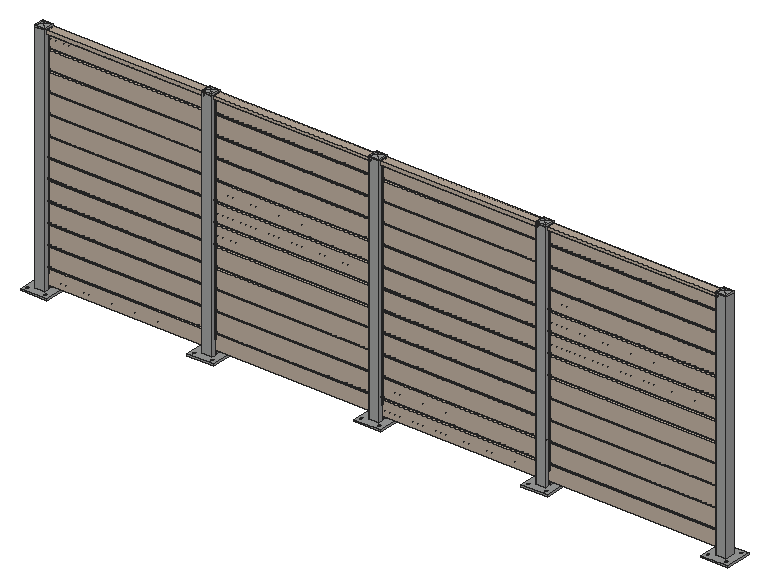
Revit family "Screening-Louver-Assembly-Array-Palmshield-Mercury_Economic-Solid-Aluminum", category Specialty Equipment, Revit 2021
Family settings
  Round Connector Dimension = Use Diameter
  Part Type = Normal
  OmniClass Number = 23.55.00.00
  OmniClass Title = Manufactured Structures
  Cut with Voids When Loaded = No
  Shared = No
  Room Calculation Point = No
Parameters (values of type "Assembly")
  Warranty URL = "https://palmshieldlouvers.com/wp-content/uploads/2020/01/PalmSHIELD-Warranty-NO-SIGN-LINE.pdf"
  Version = "2020 - v1.0a"  # constant formula
  URL = "https://palmshieldlouvers.com/"
  Type Comments = ""
  Right Post UP [instance] = yes
  Right Post Position [instance] = 3
  Right Post Description [instance] = if(Right Post Position = 1, "Middle Post", if(Right Post Position = 2, "Corner Post", if(Right Post Position = 3, "End Post", "Not a Valid Option")))  # "End Post"
  Right Post DOWN [instance] = not(Right Post UP)  # no
  Left Post UP [instance] = yes
  Left Post Position [instance] = 3
  Left Post DOWN [instance] = not(Left Post UP)  # no
  C Left Post Position [instance] = if(and(Left Post UP, Left Post Position = 2), 3, if(and(Left Post DOWN, Left Post Position = 2), 4, if(Left Post Position = 3, 2, Left Post Position)))  # 2
  Left Post Description [instance] = if(Left Post Position = 1, "Middle Post", if(Left Post Position = 2, "Corner Post", if(Left Post Position = 3, "End Post", "Not a Valid Option")))  # "End Post"
  Left Post [instance] = yes
  Product Page URL = "https://palmshieldlouvers.com/products/augustus-solid/"
  Product Documentation Link = "https://palmshieldlouvers.com/wp-content/uploads/2020/05/PalmSHIELD-Solid-Composite-Technical-Data-Sheet.pdf"
  Post Finish = Metal - PalmSHIELD - Dusty Grey
  Panel Width [instance] = if(Desired Panel Width > C Max Panel Width, C Max Panel Width, if(Desired Panel Width < C Min Panel Width, C Min Panel Width, Desired Panel Width))  # 4' - 0"
  Panel Height [instance] = if(Desired Panel Height > C Max Panel Height, C Max Panel Height, if(Desired Panel Height < C Min Panel Height, C Min Panel Height, Desired Panel Height))  # 6' - 0"
  Model = "Augustus - Aluminum"  # constant formula
  Manufacturer Phone Number = "531-329-4406 "  # constant formula
  Manufacturer Email = "mailto: info@palmshieldlouvers.com"
  Manufacturer Address = "12330 Cary Circle, La Vista, NE 68128"  # constant formula
  Manufacturer = "PalmSHIELD"  # constant formula
  Louver Finsh = Metal - PalmSHIELD - Grey Beige
  Keynote = "05 10 00"
  Instruction Sheet Link = "https://palmshieldlouvers.com/wp-content/uploads/2020/01/PalmSHIELD-Post-Panel-Gate-Installation-Instructions-REV-1.pdf"
  ID [instance] = "Not Assigned"
  Frame Finish = Metal - PalmSHIELD - Dusty Grey
  Filler Panel [instance] = yes
  C Right Post Position [instance] = if(and(Right Post UP, Right Post Position = 2), 3, if(and(Right Post DOWN, Right Post Position = 2), 4, if(Right Post Position = 3, 2, Right Post Position)))  # 2
  Right Post [instance] = yes
  Desired Panel Width [instance] = 4' - 0"
  Desired Panel Height [instance] = 6' - 0"
  Real Length [instance] = if(system length 1 < (C Post Width + C Min Panel Width), (C Post Width + C Min Panel Width), system length 1)  # 17' - 4"
  Description = "Augustus - Aluminum - Panel Assembly"  # constant formula
  system length 1 [instance] = 17' - 4"
  Copyright = "Copyright ©2024 The American Fence Company and PalmSHIELD. All Rights Reserved."  # constant formula
  Component Name [instance] = "Augustus - Aluminum - Panel Assembly"  # constant formula
  C Single Post [instance] = if(C Condition Double, 1 = 1, if(and(Right Post, C Condition Single), 1 = 1, 1 = 0))  # no
  C Single Panel [instance] = or(C Condition Double, C Condition Single)  # no
  C Post Width [instance] = 0' - 3"  # constant formula
  C Multiple Post [instance] = (C Condition Multiple)  # yes
  C Multiple Panels [instance] = (C Condition Multiple)  # yes
  C Min Panel Width [instance] = 4' - 0"  # constant formula
  C Min Panel Height [instance] = C Min Panel Width  # 4' - 0"
  C Max Panel Width [instance] = 6' - 0"  # constant formula
  C Max Panel Height [instance] = 8' - 0"  # constant formula
  C Filler Post [instance] = and(not(C Condition Single), Filler Panel, Right Post, or(C Filler Panel Width = C Min Panel Width, C Filler Panel Width > C Min Panel Width))  # yes
  C Filler Panel Width Calculated [instance] = Real Length - C Calculated Total Length - Panel Width - C Post Width  # 4' - 4"
  C Filler Panel Width [instance] = if(C Filler Panel Width Calculated < C Min Panel Width, C Min Panel Width, if(C Filler Panel Width Calculated > C Max Panel Width, C Max Panel Width, C Filler Panel Width Calculated))  # 4' - 4"
  C Filler Panel [instance] = and(not(C Condition Single), Filler Panel, or(C Filler Panel Width = C Min Panel Width, C Filler Panel Width > C Min Panel Width))  # yes
  C Condition Single [instance] = C Array Count < 1  # no
  C Condition Multiple [instance] = C Array Count > 1  # yes
  C Condition Double [instance] = C Array Count = 1  # no
  C Complete Post [instance] = and(not(C Condition Single), not(Filler Panel), Right Post)  # no
  C Complete Panel [instance] = and(not(C Condition Single), not(Filler Panel))  # no
  C Calculated Total Length [instance] = if(C Array Count < 1, 0' 0", if(C Array Count = 1, C Post Width, Panel Width * (C Array Safe - 1) + C Post Width * (C Array Safe)))  # 8' - 9"
  C Calculated Filler Panel Length [instance] = if(C Array Count < 1, 0' 0", if(or(C Array Count = 2, C Array Count = 1), C Post Width, if(Filler Panel, (C Calculated Total Length - C Post Width - C Filler Panel Width), (C Calculated Total Length - C Post Width - Panel Width))))  # 4' - 2"
  C Array Safe [instance] = if(C Array Count < 2, 2, C Array Count)  # 3
  C Array Count [instance] = if(Filler Panel, roundup(((Real Length - C Min Panel Width) / (Panel Width + C Post Width)) - 1), roundup(((Real Length - (Panel Width)) / (Panel Width + C Post Width)) - 1))  # 3
  Assembly Code = "F1020100"
Reference planes (in)
  plane 1 "Center (Front/Back)": y = 0
  plane 2: z = 0
  plane 3 "Left": x = 0
  plane 4 "Right": x = 208
  plane 5 "Top": z = 72
  plane 6: x = 48
  plane 7: x = 51
  plane 8: x = 99
  plane 9: x = 102
  plane 10: x = -3
  plane 11: x = 153
  plane 12: x = 47
  plane 13: x = 205
  plane 14: x = 201
  plane 15: x = -1.5
  plane 16: x = 208
  plane 17: x = 206.5
  plane 18: x = 202.5
  plane 19: x = 204
  plane 20: x = 49.5
  plane 21: x = 100.5
  plane 22: y = -1.5
  plane 23: y = 1.5
Lines and regions (in)
  reference lines
    curve 1: line (0, 0, 0) -> (208, 0, 0)
Dimensions and locks (in)
  "system length 1": plane 3 "Left" to plane 4 "Right"
  "Panel Width": plane 6 to plane 3 "Left"
  "C Post Width": plane 7 to plane 6
  "Panel Width": plane 8 to plane 7
  "C Post Width": plane 9 to plane 8
  "C Post Width": plane 3 "Left" to plane 10
  "C Calculated Filler Panel Length": plane 12 to plane 10
  "C Filler Panel Width": plane 13 to plane 11
  "Panel Width": plane 14 to plane 11
  "C Calculated Total Length": plane 11 to plane 6
  equal spacing: plane 10, plane 15, plane 3 "Left"
  equal spacing: plane 16, plane 17, plane 13
  "C Post Width": plane 16 to plane 13
  equal spacing: plane 19, plane 18, plane 14
  "C Post Width": plane 19 to plane 14
  equal spacing: plane 9, plane 21, plane 8
  equal spacing: plane 7, plane 20, plane 6
  equal spacing: plane 22, plane 1 "Center (Front/Back)", plane 23
  "C Post Width": plane 22 to plane 23
  "Panel Height": plane 5 "Top" to level
  equal spacing: group 1, group 2, group 3  (x3)
  equal spacing: group 4, group 5, group 6  (x3)
  aligned and locked: plane 4 "Right" to curve 1
  aligned and locked: plane 1 "Center (Front/Back)" to curve 1
  aligned and locked: plane 3 "Left" to curve 1
  aligned and locked: level to plane 2
  aligned and locked: plane 3 "Left" to nested 1
  aligned and locked: nested 3 to plane 14
  aligned and locked: plane 1 "Center (Front/Back)" to nested 5
  aligned and locked: plane 1 "Center (Front/Back)" to nested 4
  aligned and locked: plane 1 "Center (Front/Back)" to nested 7
  aligned and locked: plane 17 to nested 5
  aligned and locked: plane 18 to nested 4
  aligned and locked: plane 20 to nested 7
  aligned and locked: plane 15 to nested 8
  aligned and locked: nested 8 to plane 1 "Center (Front/Back)"
  aligned and locked: plane 1 "Center (Front/Back)" to nested 6
  aligned and locked: plane 3 "Left" to nested 6
  aligned and locked: plane 11 to nested 2
  aligned and locked: plane 1 "Center (Front/Back)" to nested 2
  aligned and locked: plane 7 to nested 11
  aligned and locked: plane 1 "Center (Front/Back)" to nested 11
  aligned and locked: plane 1 "Center (Front/Back)" to nested 1
  aligned and locked: plane 1 "Center (Front/Back)" to nested 3
  aligned and locked: nested 69 to plane 1 "Center (Front/Back)"
  aligned and locked: plane 20 to nested 69
  aligned and locked: nested 73 to plane 1 "Center (Front/Back)"
  aligned and locked: plane 21 to nested 73
Nested families (in)
  nested 1: "Screening-Louver-Assembly-Panel-Palmshield-Mercury_Economic-Solid-Aluminum" at (0, 0, 0), Desired Overall Height <- "Panel Height", Desired Overall Width <- "Panel Width", visible <- "C Single Panel", Component Vis <- "C Single Panel", ID <- "ID", type ""
    with Width 4' - 0", ID "Not Assigned", Height 6' - 0", Desired Overall Width 4' - 0", Desired Overall Height 6' - 0", Desired Bottom Angle 0.00°, Component Vis no, Component Name "Mercury Economic Solid - Aluminum - Panel Assembly", C Min Width 4' - 0", C Min Height 4' - 0", C Max Width 6' - 0", C Max Height 8' - 0", C Angle 0.00°
  nested 2: "Screening-Louver-Assembly-Panel-Palmshield-Mercury_Economic-Solid-Aluminum" at (153, 0, 0), Desired Overall Height <- "Panel Height", Desired Overall Width <- "C Filler Panel Width", visible <- "C Filler Panel", Component Vis <- "C Filler Panel", ID <- "ID", type ""
    with Width 4' - 4", ID "Not Assigned", Height 6' - 0", Desired Overall Width 4' - 4", Desired Overall Height 6' - 0", Desired Bottom Angle 0.00°, Component Vis yes, Component Name "Mercury Economic Solid - Aluminum - Panel Assembly", C Min Width 4' - 0", C Min Height 4' - 0", C Max Width 6' - 0", C Max Height 8' - 0", C Angle 0.00°
  nested 3: "Screening-Louver-Assembly-Panel-Palmshield-Mercury_Economic-Solid-Aluminum" at (153, 0, 0), Desired Overall Height <- "Panel Height", Desired Overall Width <- "Panel Width", visible <- "C Complete Panel", Component Vis <- "C Complete Panel", ID <- "ID", type ""
    with Width 4' - 0", ID "Not Assigned", Height 6' - 0", Desired Overall Width 4' - 0", Desired Overall Height 6' - 0", Desired Bottom Angle 0.00°, Component Vis no, Component Name "Mercury Economic Solid - Aluminum - Panel Assembly", C Min Width 4' - 0", C Min Height 4' - 0", C Max Width 6' - 0", C Max Height 8' - 0", C Angle 0.00°
  nested 4: "Screening-Louver-Assembly-Post-Palmshield-Mercury_Economic-Solid" at (202.5, 0, 0), Desired Overall Height <- "Panel Height", visible <- "C Complete Post", Component Vis <- "C Complete Post", ID <- "ID", type ""
    with Post Position 1, ID "Not Assigned", Height 6' - 0", Desired Overall Height 6' - 0", Component Vis no, Component Name "Mercury Economic Solid - Aluminum - Square Post", C Min Height 3' - 4", C Max Height 8' - 0"
  nested 5: "Screening-Louver-Assembly-Post-Palmshield-Mercury_Economic-Solid" at (206.5, 0, 0), Desired Overall Height <- "Panel Height", visible <- "C Filler Post", Component Vis <- "C Filler Post", ID <- "ID", Post Position <- "C Right Post Position", type ""
    with Post Position 2, ID "Not Assigned", Height 6' - 0", Desired Overall Height 6' - 0", Component Vis yes, Component Name "Mercury Economic Solid - Aluminum - Square Post", C Min Height 3' - 4", C Max Height 8' - 0"
  nested 6: "Screening-Louver-Assembly-Panel-Palmshield-Mercury_Economic-Solid-Aluminum" at (0, 0, 0), Desired Overall Height <- "Panel Height", Desired Overall Width <- "Panel Width", visible <- "C Multiple Panels", Component Vis <- "C Multiple Panels", ID <- "ID", type "Assembly"
    with Width 4' - 0", ID "Not Assigned", Height 6' - 0", Desired Overall Width 4' - 0", Desired Overall Height 6' - 0", Desired Bottom Angle 0.00°, Component Vis yes, Component Name "Mercury Economic Solid - Aluminum - Panel Assembly", C Min Width 4' - 0", C Min Height 4' - 0", C Max Width 6' - 0", C Max Height 8' - 0", C Angle 0.00°
  nested 7: "Screening-Louver-Assembly-Post-Palmshield-Mercury_Economic-Solid" at (49.5, 0, 0), Desired Overall Height <- "Panel Height", visible <- "C Single Post", Component Vis <- "C Single Post", ID <- "ID", type ""
    with Post Position 1, ID "Not Assigned", Height 6' - 0", Desired Overall Height 6' - 0", Component Vis no, Component Name "Mercury Economic Solid - Aluminum - Square Post", C Min Height 3' - 4", C Max Height 8' - 0"
  nested 8: "Screening-Louver-Assembly-Post-Palmshield-Mercury_Economic-Solid" at (-1.5, 0, 0) x (-1, 0, 0) z (0, 0, 1), Desired Overall Height <- "Panel Height", visible <- "Left Post", Component Vis <- "Left Post", ID <- "ID", type ""
    with Post Position 1, ID "Not Assigned", Height 6' - 0", Desired Overall Height 6' - 0", Component Vis yes, Component Name "Mercury Economic Solid - Aluminum - Square Post", C Min Height 3' - 4", C Max Height 8' - 0"
  nested 9: "Nested-Base_Plate-Palmshield-Mercury_Economic-Solid-Vinyl" at (-1.5, 0, 0) x (-1, 0, 0) z (0, 0, 1), type ""
    with Material Metal - PalmSHIELD - Dusty Grey, ID "Not Assigned", Component Name "Mercury Economic Solid - Aluminum - Base Plate"
  nested 10: "Nested-Top_Cap-Palmshield-Mercury_Economic-Solid-Vinyl" at (-1.5, 0, 72) x (-1, 0, 0) z (0, 0, 1), type ""
    with Material Metal - PalmSHIELD - Dusty Grey, ID "Not Assigned", Component Name "Mercury Economic Solid - Aluminum - Top Cap"
  nested 11: "Screening-Louver-Assembly-Panel-Palmshield-Mercury_Economic-Solid-Aluminum" at (51, 0, 0), Desired Overall Height <- "Panel Height", Desired Overall Width <- "Panel Width", visible <- "C Multiple Panels", Component Vis <- "C Multiple Panels", ID <- "ID", type "Assembly"
    with Width 4' - 0", ID "Not Assigned", Height 6' - 0", Desired Overall Width 4' - 0", Desired Overall Height 6' - 0", Desired Bottom Angle 0.00°, Component Vis yes, Component Name "Mercury Economic Solid - Aluminum - Panel Assembly", C Min Width 4' - 0", C Min Height 4' - 0", C Max Width 6' - 0", C Max Height 8' - 0", C Angle 0.00°
  nested 12: "Nested-Louvers-Palmshield-Mercury_Economic-Solid-Aluminum" at (50.5, 0, 6.625) x (0, 1, 0) z (1, 0, 0), type ""
    with Material Metal - PalmSHIELD - Grey Beige, Length 4' - 1", ID "Not Assigned", Field Cut no, Desired Cut Distance 0' - 1 3/4", Component Name "Mercury Economic Solid - Aluminum - Louvers", C Cut Distance 0' - 0 3/4"
  nested 13: "Nested-Louvers-Palmshield-Mercury_Economic-Solid-Aluminum" at (50.5, 0, 36.625) x (0, 1, 0) z (1, 0, 0), type ""
    with Material Metal - PalmSHIELD - Grey Beige, Length 4' - 1", ID "Not Assigned", Field Cut no, Desired Cut Distance 0' - 1 3/4", Component Name "Mercury Economic Solid - Aluminum - Louvers", C Cut Distance 0' - 0 3/4"
  nested 14: "Nested-Louvers-Palmshield-Mercury_Economic-Solid-Aluminum" at (50.5, 0, 42.625) x (0, 1, 0) z (1, 0, 0), type ""
    with Material Metal - PalmSHIELD - Grey Beige, Length 4' - 1", ID "Not Assigned", Field Cut no, Desired Cut Distance 0' - 1 3/4", Component Name "Mercury Economic Solid - Aluminum - Louvers", C Cut Distance 0' - 0 3/4"
  nested 15: "Nested-Louvers-Palmshield-Mercury_Economic-Solid-Aluminum" at (50.5, 0, 48.625) x (0, 1, 0) z (1, 0, 0), type ""
    with Material Metal - PalmSHIELD - Grey Beige, Length 4' - 1", ID "Not Assigned", Field Cut no, Desired Cut Distance 0' - 1 3/4", Component Name "Mercury Economic Solid - Aluminum - Louvers", C Cut Distance 0' - 0 3/4"
  nested 16: "Nested-Louvers-Palmshield-Mercury_Economic-Solid-Aluminum" at (50.5, 0, 54.625) x (0, 1, 0) z (1, 0, 0), type ""
    with Material Metal - PalmSHIELD - Grey Beige, Length 4' - 1", ID "Not Assigned", Field Cut no, Desired Cut Distance 0' - 1 3/4", Component Name "Mercury Economic Solid - Aluminum - Louvers", C Cut Distance 0' - 0 3/4"
  nested 17: "Nested-Louvers-Palmshield-Mercury_Economic-Solid-Aluminum" at (50.5, 0, 60.625) x (0, 1, 0) z (1, 0, 0), type ""
    with Material Metal - PalmSHIELD - Grey Beige, Length 4' - 1", ID "Not Assigned", Field Cut no, Desired Cut Distance 0' - 1 3/4", Component Name "Mercury Economic Solid - Aluminum - Louvers", C Cut Distance 0' - 0 3/4"
  nested 18: "Nested-U_Channel-Palmshield-Mercury_Economic-Solid-Aluminum" at (50.5, 0, 72) x (0, 1, 0) z (1, 0, 0), type ""
    with Material Metal - PalmSHIELD - Grey Beige, Length 4' - 1", ID "Not Assigned", Component Name "Mercury Economic Solid - Aluminum - U Channel"
  nested 19: "Nested-Louvers-Palmshield-Mercury_Economic-Solid-Aluminum" at (50.5, 0, 66.625) x (0, 1, 0) z (1, 0, 0), type ""
    with Material Metal - PalmSHIELD - Grey Beige, Length 4' - 1", ID "Not Assigned", Field Cut yes, Desired Cut Distance 0' - 2 5/8", Component Name "Mercury Economic Solid - Aluminum - Louvers", C Cut Distance 0' - 2 5/8"
  nested 20: "Nested-Louvers-Palmshield-Mercury_Economic-Solid-Aluminum" at (50.5, 0, 6.625) x (0, -1, 0) z (1, 0, 0), type ""
    with Material Metal - PalmSHIELD - Grey Beige, Length 4' - 1", ID "Not Assigned", Field Cut yes, Desired Cut Distance 0' - 2 3/8", Component Name "Mercury Economic Solid - Aluminum - Louvers", C Cut Distance 0' - 2 3/8"
  nested 21: "Nested-Louvers-Palmshield-Mercury_Economic-Solid-Aluminum" at (-0.5, 0, 6.625) x (0, 1, 0) z (1, 0, 0), type ""
    with Material Metal - PalmSHIELD - Grey Beige, Length 4' - 1", ID "Not Assigned", Field Cut no, Desired Cut Distance 0' - 1 3/4", Component Name "Mercury Economic Solid - Aluminum - Louvers", C Cut Distance 0' - 0 3/4"
  nested 22: "Nested-Louvers-Palmshield-Mercury_Economic-Solid-Aluminum" at (-0.5, 0, 36.625) x (0, 1, 0) z (1, 0, 0), type ""
    with Material Metal - PalmSHIELD - Grey Beige, Length 4' - 1", ID "Not Assigned", Field Cut no, Desired Cut Distance 0' - 1 3/4", Component Name "Mercury Economic Solid - Aluminum - Louvers", C Cut Distance 0' - 0 3/4"
  nested 23: "Nested-Louvers-Palmshield-Mercury_Economic-Solid-Aluminum" at (-0.5, 0, 42.625) x (0, 1, 0) z (1, 0, 0), type ""
    with Material Metal - PalmSHIELD - Grey Beige, Length 4' - 1", ID "Not Assigned", Field Cut no, Desired Cut Distance 0' - 1 3/4", Component Name "Mercury Economic Solid - Aluminum - Louvers", C Cut Distance 0' - 0 3/4"
  nested 24: "Nested-Louvers-Palmshield-Mercury_Economic-Solid-Aluminum" at (-0.5, 0, 48.625) x (0, 1, 0) z (1, 0, 0), type ""
    with Material Metal - PalmSHIELD - Grey Beige, Length 4' - 1", ID "Not Assigned", Field Cut no, Desired Cut Distance 0' - 1 3/4", Component Name "Mercury Economic Solid - Aluminum - Louvers", C Cut Distance 0' - 0 3/4"
  nested 25: "Nested-Louvers-Palmshield-Mercury_Economic-Solid-Aluminum" at (-0.5, 0, 54.625) x (0, 1, 0) z (1, 0, 0), type ""
    with Material Metal - PalmSHIELD - Grey Beige, Length 4' - 1", ID "Not Assigned", Field Cut no, Desired Cut Distance 0' - 1 3/4", Component Name "Mercury Economic Solid - Aluminum - Louvers", C Cut Distance 0' - 0 3/4"
  nested 26: "Nested-Louvers-Palmshield-Mercury_Economic-Solid-Aluminum" at (-0.5, 0, 60.625) x (0, 1, 0) z (1, 0, 0), type ""
    with Material Metal - PalmSHIELD - Grey Beige, Length 4' - 1", ID "Not Assigned", Field Cut no, Desired Cut Distance 0' - 1 3/4", Component Name "Mercury Economic Solid - Aluminum - Louvers", C Cut Distance 0' - 0 3/4"
  nested 27: "Nested-U_Channel-Palmshield-Mercury_Economic-Solid-Aluminum" at (-0.5, 0, 72) x (0, 1, 0) z (1, 0, 0), type ""
    with Material Metal - PalmSHIELD - Grey Beige, Length 4' - 1", ID "Not Assigned", Component Name "Mercury Economic Solid - Aluminum - U Channel"
  nested 28: "Nested-Louvers-Palmshield-Mercury_Economic-Solid-Aluminum" at (-0.5, 0, 66.625) x (0, 1, 0) z (1, 0, 0), type ""
    with Material Metal - PalmSHIELD - Grey Beige, Length 4' - 1", ID "Not Assigned", Field Cut yes, Desired Cut Distance 0' - 2 5/8", Component Name "Mercury Economic Solid - Aluminum - Louvers", C Cut Distance 0' - 2 5/8"
  nested 29: "Nested-Louvers-Palmshield-Mercury_Economic-Solid-Aluminum" at (-0.5, 0, 6.625) x (0, -1, 0) z (1, 0, 0), type ""
    with Material Metal - PalmSHIELD - Grey Beige, Length 4' - 1", ID "Not Assigned", Field Cut yes, Desired Cut Distance 0' - 2 3/8", Component Name "Mercury Economic Solid - Aluminum - Louvers", C Cut Distance 0' - 2 3/8"
  nested 30: "Nested-Louvers-Palmshield-Mercury_Economic-Solid-Aluminum" at (152.5, 0, 6.625) x (0, 1, 0) z (1, 0, 0), type ""
    with Material Metal - PalmSHIELD - Grey Beige, Length 4' - 5", ID "Not Assigned", Field Cut no, Desired Cut Distance 0' - 1 3/4", Component Name "Mercury Economic Solid - Aluminum - Louvers", C Cut Distance 0' - 0 3/4"
  nested 31: "Nested-Louvers-Palmshield-Mercury_Economic-Solid-Aluminum" at (152.5, 0, 36.625) x (0, 1, 0) z (1, 0, 0), type ""
    with Material Metal - PalmSHIELD - Grey Beige, Length 4' - 5", ID "Not Assigned", Field Cut no, Desired Cut Distance 0' - 1 3/4", Component Name "Mercury Economic Solid - Aluminum - Louvers", C Cut Distance 0' - 0 3/4"
  nested 32: "Nested-Louvers-Palmshield-Mercury_Economic-Solid-Aluminum" at (152.5, 0, 42.625) x (0, 1, 0) z (1, 0, 0), type ""
    with Material Metal - PalmSHIELD - Grey Beige, Length 4' - 5", ID "Not Assigned", Field Cut no, Desired Cut Distance 0' - 1 3/4", Component Name "Mercury Economic Solid - Aluminum - Louvers", C Cut Distance 0' - 0 3/4"
  nested 33: "Nested-Louvers-Palmshield-Mercury_Economic-Solid-Aluminum" at (152.5, 0, 48.625) x (0, 1, 0) z (1, 0, 0), type ""
    with Material Metal - PalmSHIELD - Grey Beige, Length 4' - 5", ID "Not Assigned", Field Cut no, Desired Cut Distance 0' - 1 3/4", Component Name "Mercury Economic Solid - Aluminum - Louvers", C Cut Distance 0' - 0 3/4"
  nested 34: "Nested-Louvers-Palmshield-Mercury_Economic-Solid-Aluminum" at (152.5, 0, 54.625) x (0, 1, 0) z (1, 0, 0), type ""
    with Material Metal - PalmSHIELD - Grey Beige, Length 4' - 5", ID "Not Assigned", Field Cut no, Desired Cut Distance 0' - 1 3/4", Component Name "Mercury Economic Solid - Aluminum - Louvers", C Cut Distance 0' - 0 3/4"
  nested 35: "Nested-Louvers-Palmshield-Mercury_Economic-Solid-Aluminum" at (152.5, 0, 60.625) x (0, 1, 0) z (1, 0, 0), type ""
    with Material Metal - PalmSHIELD - Grey Beige, Length 4' - 5", ID "Not Assigned", Field Cut no, Desired Cut Distance 0' - 1 3/4", Component Name "Mercury Economic Solid - Aluminum - Louvers", C Cut Distance 0' - 0 3/4"
  nested 36: "Nested-U_Channel-Palmshield-Mercury_Economic-Solid-Aluminum" at (152.5, 0, 72) x (0, 1, 0) z (1, 0, 0), type ""
    with Material Metal - PalmSHIELD - Grey Beige, Length 4' - 5", ID "Not Assigned", Component Name "Mercury Economic Solid - Aluminum - U Channel"
  nested 37: "Nested-Louvers-Palmshield-Mercury_Economic-Solid-Aluminum" at (152.5, 0, 66.625) x (0, 1, 0) z (1, 0, 0), type ""
    with Material Metal - PalmSHIELD - Grey Beige, Length 4' - 5", ID "Not Assigned", Field Cut yes, Desired Cut Distance 0' - 2 5/8", Component Name "Mercury Economic Solid - Aluminum - Louvers", C Cut Distance 0' - 2 5/8"
  nested 38: "Nested-Louvers-Palmshield-Mercury_Economic-Solid-Aluminum" at (152.5, 0, 6.625) x (0, -1, 0) z (1, 0, 0), type ""
    with Material Metal - PalmSHIELD - Grey Beige, Length 4' - 5", ID "Not Assigned", Field Cut yes, Desired Cut Distance 0' - 2 3/8", Component Name "Mercury Economic Solid - Aluminum - Louvers", C Cut Distance 0' - 2 3/8"
  nested 39: "Nested-Base_Plate-Palmshield-Mercury_Economic-Solid-Vinyl" at (206.5, 0, 0), type ""
    with Material Metal - PalmSHIELD - Dusty Grey, ID "Not Assigned", Component Name "Mercury Economic Solid - Aluminum - Base Plate"
  nested 40: "Nested-Top_Cap-Palmshield-Mercury_Economic-Solid-Vinyl" at (206.5, 0, 72), type ""
    with Material Metal - PalmSHIELD - Dusty Grey, ID "Not Assigned", Component Name "Mercury Economic Solid - Aluminum - Top Cap"
  nested 41: "Screening-Louver-Assembly-Panel-Palmshield-Mercury_Economic-Solid-Aluminum" at (102, 0, 0), Desired Overall Height <- "Panel Height", Desired Overall Width <- "Panel Width", visible <- "C Multiple Panels", Component Vis <- "C Multiple Panels", ID <- "ID", type "Assembly"
    with Width 4' - 0", ID "Not Assigned", Height 6' - 0", Desired Overall Width 4' - 0", Desired Overall Height 6' - 0", Desired Bottom Angle 0.00°, Component Vis yes, Component Name "Mercury Economic Solid - Aluminum - Panel Assembly", C Min Width 4' - 0", C Min Height 4' - 0", C Max Width 6' - 0", C Max Height 8' - 0", C Angle 0.00°
  nested 42: "Nested-Louvers-Palmshield-Mercury_Economic-Solid-Aluminum" at (101.5, 0, 6.625) x (0, 1, 0) z (1, 0, 0), type ""
    with Material Metal - PalmSHIELD - Grey Beige, Length 4' - 1", ID "Not Assigned", Field Cut no, Desired Cut Distance 0' - 1 3/4", Component Name "Mercury Economic Solid - Aluminum - Louvers", C Cut Distance 0' - 0 3/4"
  nested 43: "Nested-Louvers-Palmshield-Mercury_Economic-Solid-Aluminum" at (101.5, 0, 36.625) x (0, 1, 0) z (1, 0, 0), type ""
    with Material Metal - PalmSHIELD - Grey Beige, Length 4' - 1", ID "Not Assigned", Field Cut no, Desired Cut Distance 0' - 1 3/4", Component Name "Mercury Economic Solid - Aluminum - Louvers", C Cut Distance 0' - 0 3/4"
  nested 44: "Nested-Louvers-Palmshield-Mercury_Economic-Solid-Aluminum" at (101.5, 0, 42.625) x (0, 1, 0) z (1, 0, 0), type ""
    with Material Metal - PalmSHIELD - Grey Beige, Length 4' - 1", ID "Not Assigned", Field Cut no, Desired Cut Distance 0' - 1 3/4", Component Name "Mercury Economic Solid - Aluminum - Louvers", C Cut Distance 0' - 0 3/4"
  nested 45: "Nested-Louvers-Palmshield-Mercury_Economic-Solid-Aluminum" at (101.5, 0, 48.625) x (0, 1, 0) z (1, 0, 0), type ""
    with Material Metal - PalmSHIELD - Grey Beige, Length 4' - 1", ID "Not Assigned", Field Cut no, Desired Cut Distance 0' - 1 3/4", Component Name "Mercury Economic Solid - Aluminum - Louvers", C Cut Distance 0' - 0 3/4"
  nested 46: "Nested-Louvers-Palmshield-Mercury_Economic-Solid-Aluminum" at (101.5, 0, 54.625) x (0, 1, 0) z (1, 0, 0), type ""
    with Material Metal - PalmSHIELD - Grey Beige, Length 4' - 1", ID "Not Assigned", Field Cut no, Desired Cut Distance 0' - 1 3/4", Component Name "Mercury Economic Solid - Aluminum - Louvers", C Cut Distance 0' - 0 3/4"
  nested 47: "Nested-Louvers-Palmshield-Mercury_Economic-Solid-Aluminum" at (101.5, 0, 60.625) x (0, 1, 0) z (1, 0, 0), type ""
    with Material Metal - PalmSHIELD - Grey Beige, Length 4' - 1", ID "Not Assigned", Field Cut no, Desired Cut Distance 0' - 1 3/4", Component Name "Mercury Economic Solid - Aluminum - Louvers", C Cut Distance 0' - 0 3/4"
  nested 48: "Nested-U_Channel-Palmshield-Mercury_Economic-Solid-Aluminum" at (101.5, 0, 72) x (0, 1, 0) z (1, 0, 0), type ""
    with Material Metal - PalmSHIELD - Grey Beige, Length 4' - 1", ID "Not Assigned", Component Name "Mercury Economic Solid - Aluminum - U Channel"
  nested 49: "Nested-Louvers-Palmshield-Mercury_Economic-Solid-Aluminum" at (101.5, 0, 66.625) x (0, 1, 0) z (1, 0, 0), type ""
    with Material Metal - PalmSHIELD - Grey Beige, Length 4' - 1", ID "Not Assigned", Field Cut yes, Desired Cut Distance 0' - 2 5/8", Component Name "Mercury Economic Solid - Aluminum - Louvers", C Cut Distance 0' - 2 5/8"
  nested 50: "Nested-Louvers-Palmshield-Mercury_Economic-Solid-Aluminum" at (101.5, 0, 6.625) x (0, -1, 0) z (1, 0, 0), type ""
    with Material Metal - PalmSHIELD - Grey Beige, Length 4' - 1", ID "Not Assigned", Field Cut yes, Desired Cut Distance 0' - 2 3/8", Component Name "Mercury Economic Solid - Aluminum - Louvers", C Cut Distance 0' - 2 3/8"
  nested 51: "Nested-Square_Post-Palmshield-Mercury_Economic-Solid-Vinyl" at (206.5, 0, 0.5), type ""
    with Post Position 2, Middle Post no, Material Metal - PalmSHIELD - Dusty Grey, Length 5' - 11 1/2", ID "", End Post yes, Corner Post Up no, Corner Post Down no, Component Name "Mercury Economic Solid - Aluminum - Post"
  nested 52: "Nested-Square_Post-Palmshield-Mercury_Economic-Solid-Vinyl" at (-1.5, 0, 0.5) x (-1, 0, 0) z (0, 0, 1), type ""
    with Post Position 1, Middle Post yes, Material Metal - PalmSHIELD - Dusty Grey, Length 5' - 11 1/2", ID "", End Post no, Corner Post Up no, Corner Post Down no, Component Name "Mercury Economic Solid - Aluminum - Post"
  nested 53: "Nested-Louvers-Palmshield-Mercury_Economic-Solid-Aluminum" at (152.5, 0, 12.625) x (0, 1, 0) z (1, 0, 0), type ""
    with Material Metal - PalmSHIELD - Grey Beige, Length 4' - 5", ID "Not Assigned", Field Cut no, Desired Cut Distance 0' - 1 3/4", Component Name "Mercury Economic Solid - Aluminum - Louvers", C Cut Distance 0' - 0 3/4"
  nested 54: "Nested-Louvers-Palmshield-Mercury_Economic-Solid-Aluminum" at (152.5, 0, 18.625) x (0, 1, 0) z (1, 0, 0), type ""
    with Material Metal - PalmSHIELD - Grey Beige, Length 4' - 5", ID "Not Assigned", Field Cut no, Desired Cut Distance 0' - 1 3/4", Component Name "Mercury Economic Solid - Aluminum - Louvers", C Cut Distance 0' - 0 3/4"
  nested 55: "Nested-Louvers-Palmshield-Mercury_Economic-Solid-Aluminum" at (152.5, 0, 24.625) x (0, 1, 0) z (1, 0, 0), type ""
    with Material Metal - PalmSHIELD - Grey Beige, Length 4' - 5", ID "Not Assigned", Field Cut no, Desired Cut Distance 0' - 1 3/4", Component Name "Mercury Economic Solid - Aluminum - Louvers", C Cut Distance 0' - 0 3/4"
  nested 56: "Nested-Louvers-Palmshield-Mercury_Economic-Solid-Aluminum" at (152.5, 0, 30.625) x (0, 1, 0) z (1, 0, 0), type ""
    with Material Metal - PalmSHIELD - Grey Beige, Length 4' - 5", ID "Not Assigned", Field Cut no, Desired Cut Distance 0' - 1 3/4", Component Name "Mercury Economic Solid - Aluminum - Louvers", C Cut Distance 0' - 0 3/4"
  nested 57: "Nested-Louvers-Palmshield-Mercury_Economic-Solid-Aluminum" at (-0.5, 0, 12.625) x (0, 1, 0) z (1, 0, 0), type ""
    with Material Metal - PalmSHIELD - Grey Beige, Length 4' - 1", ID "Not Assigned", Field Cut no, Desired Cut Distance 0' - 1 3/4", Component Name "Mercury Economic Solid - Aluminum - Louvers", C Cut Distance 0' - 0 3/4"
  nested 58: "Nested-Louvers-Palmshield-Mercury_Economic-Solid-Aluminum" at (-0.5, 0, 18.625) x (0, 1, 0) z (1, 0, 0), type ""
    with Material Metal - PalmSHIELD - Grey Beige, Length 4' - 1", ID "Not Assigned", Field Cut no, Desired Cut Distance 0' - 1 3/4", Component Name "Mercury Economic Solid - Aluminum - Louvers", C Cut Distance 0' - 0 3/4"
  nested 59: "Nested-Louvers-Palmshield-Mercury_Economic-Solid-Aluminum" at (-0.5, 0, 24.625) x (0, 1, 0) z (1, 0, 0), type ""
    with Material Metal - PalmSHIELD - Grey Beige, Length 4' - 1", ID "Not Assigned", Field Cut no, Desired Cut Distance 0' - 1 3/4", Component Name "Mercury Economic Solid - Aluminum - Louvers", C Cut Distance 0' - 0 3/4"
  nested 60: "Nested-Louvers-Palmshield-Mercury_Economic-Solid-Aluminum" at (-0.5, 0, 30.625) x (0, 1, 0) z (1, 0, 0), type ""
    with Material Metal - PalmSHIELD - Grey Beige, Length 4' - 1", ID "Not Assigned", Field Cut no, Desired Cut Distance 0' - 1 3/4", Component Name "Mercury Economic Solid - Aluminum - Louvers", C Cut Distance 0' - 0 3/4"
  nested 61: "Nested-Louvers-Palmshield-Mercury_Economic-Solid-Aluminum" at (50.5, 0, 12.625) x (0, 1, 0) z (1, 0, 0), type ""
    with Material Metal - PalmSHIELD - Grey Beige, Length 4' - 1", ID "Not Assigned", Field Cut no, Desired Cut Distance 0' - 1 3/4", Component Name "Mercury Economic Solid - Aluminum - Louvers", C Cut Distance 0' - 0 3/4"
  nested 62: "Nested-Louvers-Palmshield-Mercury_Economic-Solid-Aluminum" at (50.5, 0, 18.625) x (0, 1, 0) z (1, 0, 0), type ""
    with Material Metal - PalmSHIELD - Grey Beige, Length 4' - 1", ID "Not Assigned", Field Cut no, Desired Cut Distance 0' - 1 3/4", Component Name "Mercury Economic Solid - Aluminum - Louvers", C Cut Distance 0' - 0 3/4"
  nested 63: "Nested-Louvers-Palmshield-Mercury_Economic-Solid-Aluminum" at (50.5, 0, 24.625) x (0, 1, 0) z (1, 0, 0), type ""
    with Material Metal - PalmSHIELD - Grey Beige, Length 4' - 1", ID "Not Assigned", Field Cut no, Desired Cut Distance 0' - 1 3/4", Component Name "Mercury Economic Solid - Aluminum - Louvers", C Cut Distance 0' - 0 3/4"
  nested 64: "Nested-Louvers-Palmshield-Mercury_Economic-Solid-Aluminum" at (50.5, 0, 30.625) x (0, 1, 0) z (1, 0, 0), type ""
    with Material Metal - PalmSHIELD - Grey Beige, Length 4' - 1", ID "Not Assigned", Field Cut no, Desired Cut Distance 0' - 1 3/4", Component Name "Mercury Economic Solid - Aluminum - Louvers", C Cut Distance 0' - 0 3/4"
  nested 65: "Nested-Louvers-Palmshield-Mercury_Economic-Solid-Aluminum" at (101.5, 0, 12.625) x (0, 1, 0) z (1, 0, 0), type ""
    with Material Metal - PalmSHIELD - Grey Beige, Length 4' - 1", ID "Not Assigned", Field Cut no, Desired Cut Distance 0' - 1 3/4", Component Name "Mercury Economic Solid - Aluminum - Louvers", C Cut Distance 0' - 0 3/4"
  nested 66: "Nested-Louvers-Palmshield-Mercury_Economic-Solid-Aluminum" at (101.5, 0, 18.625) x (0, 1, 0) z (1, 0, 0), type ""
    with Material Metal - PalmSHIELD - Grey Beige, Length 4' - 1", ID "Not Assigned", Field Cut no, Desired Cut Distance 0' - 1 3/4", Component Name "Mercury Economic Solid - Aluminum - Louvers", C Cut Distance 0' - 0 3/4"
  nested 67: "Nested-Louvers-Palmshield-Mercury_Economic-Solid-Aluminum" at (101.5, 0, 24.625) x (0, 1, 0) z (1, 0, 0), type ""
    with Material Metal - PalmSHIELD - Grey Beige, Length 4' - 1", ID "Not Assigned", Field Cut no, Desired Cut Distance 0' - 1 3/4", Component Name "Mercury Economic Solid - Aluminum - Louvers", C Cut Distance 0' - 0 3/4"
  nested 68: "Nested-Louvers-Palmshield-Mercury_Economic-Solid-Aluminum" at (101.5, 0, 30.625) x (0, 1, 0) z (1, 0, 0), type ""
    with Material Metal - PalmSHIELD - Grey Beige, Length 4' - 1", ID "Not Assigned", Field Cut no, Desired Cut Distance 0' - 1 3/4", Component Name "Mercury Economic Solid - Aluminum - Louvers", C Cut Distance 0' - 0 3/4"
  nested 69: "Screening-Louver-Assembly-Post-Palmshield-Mercury_Economic-Solid" at (49.5, 0, 0) x (-1, 0, 0) z (0, 0, 1), Desired Overall Height <- "Panel Height", visible <- "Left Post", Component Vis <- "Left Post", ID <- "ID", type ""
    with Post Position 1, ID "Not Assigned", Height 6' - 0", Desired Overall Height 6' - 0", Component Vis yes, Component Name "Mercury Economic Solid - Aluminum - Square Post", C Min Height 3' - 4", C Max Height 8' - 0"
  nested 70: "Nested-Base_Plate-Palmshield-Mercury_Economic-Solid-Vinyl" at (49.5, 0, 0) x (-1, 0, 0) z (0, 0, 1), type ""
    with Material Metal - PalmSHIELD - Dusty Grey, ID "Not Assigned", Component Name "Mercury Economic Solid - Aluminum - Base Plate"
  nested 71: "Nested-Top_Cap-Palmshield-Mercury_Economic-Solid-Vinyl" at (49.5, 0, 72) x (-1, 0, 0) z (0, 0, 1), type ""
    with Material Metal - PalmSHIELD - Dusty Grey, ID "Not Assigned", Component Name "Mercury Economic Solid - Aluminum - Top Cap"
  nested 72: "Nested-Square_Post-Palmshield-Mercury_Economic-Solid-Vinyl" at (49.5, 0, 0.5) x (-1, 0, 0) z (0, 0, 1), type ""
    with Post Position 1, Middle Post yes, Material Metal - PalmSHIELD - Dusty Grey, Length 5' - 11 1/2", ID "", End Post no, Corner Post Up no, Corner Post Down no, Component Name "Mercury Economic Solid - Aluminum - Post"
  nested 73: "Screening-Louver-Assembly-Post-Palmshield-Mercury_Economic-Solid" at (100.5, 0, 0) x (-1, 0, 0) z (0, 0, 1), Desired Overall Height <- "Panel Height", visible <- "Left Post", Component Vis <- "Left Post", ID <- "ID", type ""
    with Post Position 1, ID "Not Assigned", Height 6' - 0", Desired Overall Height 6' - 0", Component Vis yes, Component Name "Mercury Economic Solid - Aluminum - Square Post", C Min Height 3' - 4", C Max Height 8' - 0"
  nested 74: "Nested-Base_Plate-Palmshield-Mercury_Economic-Solid-Vinyl" at (100.5, 0, 0) x (-1, 0, 0) z (0, 0, 1), type ""
    with Material Metal - PalmSHIELD - Dusty Grey, ID "Not Assigned", Component Name "Mercury Economic Solid - Aluminum - Base Plate"
  nested 75: "Nested-Top_Cap-Palmshield-Mercury_Economic-Solid-Vinyl" at (100.5, 0, 72) x (-1, 0, 0) z (0, 0, 1), type ""
    with Material Metal - PalmSHIELD - Dusty Grey, ID "Not Assigned", Component Name "Mercury Economic Solid - Aluminum - Top Cap"
  nested 76: "Nested-Square_Post-Palmshield-Mercury_Economic-Solid-Vinyl" at (100.5, 0, 0.5) x (-1, 0, 0) z (0, 0, 1), type ""
    with Post Position 1, Middle Post yes, Material Metal - PalmSHIELD - Dusty Grey, Length 5' - 11 1/2", ID "", End Post no, Corner Post Up no, Corner Post Down no, Component Name "Mercury Economic Solid - Aluminum - Post"
  nested 77: "Screening-Louver-Assembly-Post-Palmshield-Mercury_Economic-Solid" at (151.5, 0, 0) x (-1, 0, 0) z (0, 0, 1), Desired Overall Height <- "Panel Height", visible <- "Left Post", Component Vis <- "Left Post", ID <- "ID", type ""
    with Post Position 1, ID "Not Assigned", Height 6' - 0", Desired Overall Height 6' - 0", Component Vis yes, Component Name "Mercury Economic Solid - Aluminum - Square Post", C Min Height 3' - 4", C Max Height 8' - 0"
  nested 78: "Nested-Base_Plate-Palmshield-Mercury_Economic-Solid-Vinyl" at (151.5, 0, 0) x (-1, 0, 0) z (0, 0, 1), type ""
    with Material Metal - PalmSHIELD - Dusty Grey, ID "Not Assigned", Component Name "Mercury Economic Solid - Aluminum - Base Plate"
  nested 79: "Nested-Top_Cap-Palmshield-Mercury_Economic-Solid-Vinyl" at (151.5, 0, 72) x (-1, 0, 0) z (0, 0, 1), type ""
    with Material Metal - PalmSHIELD - Dusty Grey, ID "Not Assigned", Component Name "Mercury Economic Solid - Aluminum - Top Cap"
  nested 80: "Nested-Square_Post-Palmshield-Mercury_Economic-Solid-Vinyl" at (151.5, 0, 0.5) x (-1, 0, 0) z (0, 0, 1), type ""
    with Post Position 1, Middle Post yes, Material Metal - PalmSHIELD - Dusty Grey, Length 5' - 11 1/2", ID "", End Post no, Corner Post Up no, Corner Post Down no, Component Name "Mercury Economic Solid - Aluminum - Post"
Definition of nested family "Nested-Base_Plate-Palmshield-Mercury_Economic-Solid-Vinyl"
  Parameters (values of type "8" x 8" x 1/2"")
    Width = 0' - 8"  # constant formula
    Warranty URL = "https://palmshieldlouvers.com/wp-content/uploads/2020/01/PalmSHIELD-Warranty-NO-SIGN-LINE.pdf"
    Version = "2020 - v1.0a"  # constant formula
    URL = "https://palmshieldlouvers.com/"
    Thickness = 0' - 0 1/2"  # constant formula
    Product Page URL = "Contact Manufacturer for More Information"
    Product Documentation Link = "Contact Manufacturer for More Information"
    Model = "Mercury Economic Solid"  # constant formula
    Material [instance] = none
    Manufacturer Phone Number = "531-329-4406 "  # constant formula
    Manufacturer Fax Number = "Consult Manufacturer Website for More Information"  # constant formula
    Manufacturer Email = "mailto: info@palmshieldlouvers.com"
    Manufacturer Address = "12330 Cary Circle, La Vista, NE 68128"  # constant formula
    Manufacturer = "PalmSHIELD"  # constant formula
    Keynote = "05 10 00"
    ID [instance] = ""
    Hole Diameter = 0' - 0 3/4"  # constant formula
    Description = "Mercury Economic Solid - Aluminum - Base Plate"  # constant formula
    Default Elevation = 4' - 0"
    Copyright = "©2023 The American Fence Company and PalmSHIELD. All Rights Reserved."  # constant formula
    Component Name [instance] = "Mercury Economic Solid - Aluminum - Base Plate"  # constant formula
    C Hole Offset = 0' - 1 1/4"  # constant formula
    Assembly Code = "F1020100"
  Reference planes (in)
    plane 1 "Center (Front/Back)": y = 0
    plane 2: z = 0
    plane 3 "Center (Left/Right)": x = 0
    plane 4: y = 4
    plane 5: x = 4
    plane 6: y = -4
    plane 7: x = -4
    plane 8: z = 0.5
  Forms (in)
    Extrusion 1, solid
      sketch origin (0, 0, 0) x (1, 0, 0) y (0, 1, 0)
        loop
          line (-48, 48) -> (-48, -48) -> (48, -48) -> (48, 48) -> (-48, 48)
      from 0 to -12
    Extrusion 2, solid, material <- "Material"
      sketch origin (0, 0, 0) x (1, 0, 0) y (0, 1, 0)
        loop
          line (-4, 4) -> (-4, -4) -> (4, -4) -> (4, 4) -> (-4, 4)
        loop
          circle (-2.75, 2.75) r 0.375
        loop
          circle (2.75, 2.75) r 0.375
        loop
          circle (-2.75, -2.75) r 0.375
        loop
          circle (2.75, -2.75) r 0.375
      from 0 to 0.5
  Dimensions and locks (in)
    equal spacing: plane 7, plane 3 "Center (Left/Right)", plane 5
    equal spacing: plane 4, plane 1 "Center (Front/Back)", plane 6
    "Width": plane 7 to plane 5
    "Width": plane 4 to plane 6
    "C Hole Offset": plane 7 to Extrusion 2 sketch curve  (x2)
    "C Hole Offset": Extrusion 2 sketch curve to plane 5  (x2)
    "C Hole Offset": plane 4 to Extrusion 2 sketch curve  (x2)
    "C Hole Offset": plane 6 to Extrusion 2 sketch curve  (x2)
    "Thickness": plane 8 to plane 2
    "Hole Diameter": radius of Extrusion 2 sketch curve  (x4)
    aligned and locked: plane 2 to Extrusion 1
    aligned and locked: level to Extrusion 1
    aligned and locked: Extrusion 2 sketch curve to plane 4
    aligned and locked: plane 7 to Extrusion 2 sketch curve
    aligned and locked: Extrusion 2 sketch curve to plane 6
    aligned and locked: Extrusion 2 sketch curve to plane 5
    aligned and locked: plane 8 to Extrusion 2
  Automatic sketch dimensions
    Extrusion 1 sketch curve to Extrusion 1 sketch curve = 8' - 0"  (x2)
Definition of nested family "Nested-Top_Cap-Palmshield-Mercury_Economic-Solid-Vinyl"
  Parameters (values of type "3" x 3" x 3/4"")
    Width = 0' - 3"  # constant formula
    Warranty URL = "https://palmshieldlouvers.com/wp-content/uploads/2020/01/PalmSHIELD-Warranty-NO-SIGN-LINE.pdf"
    Version = "2020 - v1.0a"  # constant formula
    URL = "https://palmshieldlouvers.com/"
    Thickness = 0' - 0 3/4"  # constant formula
    Product Page URL = "Contact Manufacturer for More Information"
    Product Documentation Link = "Contact Manufacturer for More Information"
    Model = "Mercury Economic Solid"  # constant formula
    Material [instance] = none
    Manufacturer Phone Number = "531-329-4406 "  # constant formula
    Manufacturer Fax Number = "Consult Manufacturer Website for More Information"  # constant formula
    Manufacturer Email = "mailto: info@palmshieldlouvers.com"
    Manufacturer Address = "12330 Cary Circle, La Vista, NE 68128"  # constant formula
    Manufacturer = "PalmSHIELD"  # constant formula
    Keynote = "05 10 00"
    ID [instance] = ""
    Description = "Mercury Economic Solid - Aluminum - Top Cap"  # constant formula
    Default Elevation = 4' - 0"
    Copyright = "©2023 The American Fence Company and PalmSHIELD. All Rights Reserved."  # constant formula
    Component Name [instance] = "Mercury Economic Solid - Aluminum - Top Cap"  # constant formula
    Assembly Code = "F1020100"
  Reference planes (in)
    plane 1 "Center (Front/Back)": y = 0
    plane 2: z = 0
    plane 3 "Center (Left/Right)": x = 0
  Forms (in)
    Extrusion 1, solid
      sketch origin (0, 0, 0) x (1, 0, 0) y (0, 1, 0)
        loop
          line (-48, 48) -> (-48, -48) -> (48, -48) -> (48, 48) -> (-48, 48)
      from 0 to -12
    Extrusion 2, solid, material <- "Material"
      sketch origin (0, 0, 0) x (1, 0, 0) y (0, 0, 1)
        loop
          line (-1.5, 0.375) -> (-1.5, 0) -> (1.5, 0) -> (1.5, 0.375) -> (-1.5, 0.375)
      from -1.5 to 1.5
    Extrusion 3, solid, material <- "Material"
      sketch origin (0, 0, 0.375) x (1, 0, 0) y (0, 0, 1)
        loop
          line (-1.5, 0.375) -> (-1.5, 0) -> (1.5, 0) -> (1.5, 0.375) -> (-1.5, 0.375)
      from -1.5 to 1.5
    Extrusion 4, void
      sketch origin (0, 0, 0) x (1, 0, 0) y (0, 0, 1)
        loop
          line (-1.5, 0.375) -> (0, 0.75) -> (1.5, 0.375) -> (1.5, 1.19559) -> (-1.5, 1.19559) -> (-1.5, 0.375)
      from -1.71068 to 1.80879
    Extrusion 5, void
      sketch origin (0, 0, 0) x (0, -1, 0) y (0, 0, -1)
        loop
          line (-1.5, -0.375) -> (-1.5, -1.19559) -> (1.5, -1.19559) -> (1.5, -0.375) -> (0, -0.75) -> (-1.5, -0.375)
      from -1.71068 to 1.80879
  Cuts and joins
    Extrusion 4, Extrusion 5 cuts Extrusion 3
  Dimensions and locks (in)
    aligned and locked: plane 2 to Extrusion 1
    aligned and locked: level to Extrusion 1
Definition of nested family "Nested-Louvers-Palmshield-Mercury_Economic-Solid-Aluminum"
  Parameters (values of type "6063 T6 ALUM 6" TONGUE AND GROOVE INFILL")
    Width = 0' - 6"  # constant formula
    Warranty URL = "https://palmshieldlouvers.com/wp-content/uploads/2020/01/PalmSHIELD-Warranty-NO-SIGN-LINE.pdf"
    Version = "2020 - v1.0a"  # constant formula
    URL = "https://palmshieldlouvers.com/"
    Thickness = 0' - 0 15/16"  # constant formula
    Product Page URL = "Contact Manufacturer for More Information"
    Product Documentation Link = "Contact Manufacturer for More Information"
    Model = "Mercury Economic Solid"  # constant formula
    Material [instance] = none
    Manufacturer Phone Number = "531-329-4406 "  # constant formula
    Manufacturer Fax Number = "Consult Manufacturer Website for More Information"  # constant formula
    Manufacturer Email = "mailto: info@palmshieldlouvers.com"
    Manufacturer Address = "12330 Cary Circle, La Vista, NE 68128"  # constant formula
    Manufacturer = "PalmSHIELD"  # constant formula
    Length [instance] = 4' - 4.86713"
    Keynote = "05 10 00"
    Instruction Sheet Link = "Contact Manufacturer for More Information"
    ID [instance] = ""
    Field Cut [instance] = no
    Desired Cut Distance [instance] = 0' - 1 3/4"
    Description = "Mercury Economic Solid - Louvers"  # constant formula
    Default Elevation = 4' - 0"
    Copyright = "Copyright ©2024 The American Fence Company and PalmSHIELD. All Rights Reserved."  # constant formula
    Component Name [instance] = "Mercury Economic Solid - Aluminum - Louvers"  # constant formula
    C Cut Distance [instance] = if(not(Field Cut), 0' 0 3/4", if(Field Cut, (if(Desired Cut Distance < 0' 0 3/4", 0' 0 3/4", if(Desired Cut Distance > 0' 6 3/4", 0' 6 3/4", Desired Cut Distance))), 0' 0 3/4"))  # 0' - 0 3/4"
    Assembly Code = "F1020100"
  Reference planes (in)
    plane 1 "Center (Front/Back)": y = 0
    plane 2: z = 0
    plane 3 "Center (Left/Right)": x = 0
    plane 4: z = 52.86713
    plane 5: y = 6
    plane 6: y = 7
  Forms (in)
    Extrusion 1, solid
      sketch origin (0, 0, 0) x (1, 0, 0) y (0, 1, 0)
        loop
          line (-48, 48) -> (-48, -48) -> (48, -48) -> (48, 48) -> (-48, 48)
      from 0 to -12
    Sweep 2, solid, material <- "Material", detail levels medium+fine
      path origin (0, 0, 0) x (0, 1, 0) y (0, 0, 1)
        loop
          line (0, 0) -> (0, 52.86713)
      profile "Profile-Palmshield-Louver : 6063 T6 ALUM 6" TONGUE AND GROOVE INFILL" origin (0, 0, 26.43357) x (0, -1, 0) y (1, 0, 0)
        loop
          line (-3.03125, -0.4065) -> (-3.03125, 0.4065) -> (-5.72411, 0.4065) -> (-5.9375, 0.19311) -> (-5.9375, 0.0625) -> (-5.6875, 0.0625) -> (-5.6875, -0.1875) -> (-5.94311, -0.1875) -> (-5.72411, -0.4065) -> (-3.03125, -0.4065)
        loop
          line (-0.27589, -0.4065) -> (-0.0625, -0.19311) -> (-0.0625, -0.0625) -> (-0.3125, -0.0625) -> (-0.3125, 0.1875) -> (-0.05689, 0.1875) -> (-0.27589, 0.4065) -> (-2.96875, 0.4065) -> (-2.96875, -0.4065) -> (-0.27589, -0.4065)
        loop
          line (0.25, 0) -> (-0.25, 0) -> (-0.25, 0.125) -> (0, 0.125) -> (0, 0.219) -> (-0.25, 0.469) -> (-5.75, 0.469) -> (-6, 0.219) -> (-6, 0.125) -> (-6.25, 0.125) -> (-6.25, 0) -> (-5.75, 0) -> (-5.75, -0.125) -> (-6, -0.125) -> (-6, -0.219) -> (-5.75, -0.469) -> (-0.25, -0.469) -> (0, -0.219) -> (0, -0.125) -> (0.25, -0.125) -> (0.25, 0)
    Extrusion 3, solid, material <- "Material", detail levels coarse
      sketch origin (0, 0, 0) x (1, 0, 0) y (0, 1, 0)
        loop
          line (0.469, 5.75) -> (0.219, 6) -> (0.125, 6) -> (0.125, 6.25) -> (0, 6.25) -> (0, 5.75) -> (-0.125, 5.75) -> (-0.125, 6) -> (-0.219, 6) -> (-0.469, 5.75) -> (-0.469, 0.25) -> (-0.219, 0) -> (-0.125, 0) -> (-0.125, -0.25) -> (0, -0.25) -> (0, 0.25) -> (0.125, 0.25) -> (0.125, 0) -> (0.219, 0) -> (0.469, 0.25) -> (0.469, 5.75)
      from 0 to 52.86713
    Extrusion 4, void
      sketch origin (0, 0, 0) x (1, 0, 0) y (0, 1, 0)
        loop
          line (-1.43237, 7) -> (-1.43237, 6.25) -> (1.56763, 6.25) -> (1.56763, 7) -> (-1.43237, 7)
      from 0 to 52.86713
  Cuts and joins
    Extrusion 4 cuts Extrusion 3
    Extrusion 4 cuts Sweep 2
  Lines and regions (in)
    reference lines
      curve 1: line (-3.17501, 5.25, 0) -> (4.57499, 5.25, 0)
  Dimensions and locks (in)
    "Length": plane 4 to plane 2
    Extrusion 3 to Extrusion 3 = 0' - 0.938"
    Extrusion 3 to plane 1 "Center (Front/Back)" = 0' - 6"
    "Width": plane 1 "Center (Front/Back)" to plane 5
    locked: plane 5 to plane 6 at 1
    "C Cut Distance": plane 6 to Extrusion 4 sketch curve
    "Desired Cut Distance": plane 6 to curve 1
    aligned and locked: plane 2 to Extrusion 1
    aligned and locked: level to Extrusion 1
    aligned and locked: plane 1 "Center (Front/Back)" to Sweep 2 sketch curve
    aligned and locked: plane 4 to Sweep 2 sketch curve
    aligned and locked: plane 4 to Extrusion 3
    aligned and locked: Extrusion 4 sketch curve to plane 6
    aligned and locked: plane 4 to cut or joined group of Extrusion 3, Extrusion 4
  Automatic sketch dimensions
    Extrusion 1 sketch curve to Extrusion 1 sketch curve = 8' - 0"  (x2)
    Sweep 2 sketch curve to level = 0' - 0"
    plane 1 "Center (Front/Back)" to Extrusion 3 sketch curve = 0' - 0"  (x2)
    Extrusion 3 sketch curve to plane 3 "Center (Left/Right)" = 0' - 0"  (x2)
    Extrusion 3 sketch curve to Extrusion 3 sketch curve = 0' - 0 1/8"
    Extrusion 3 sketch curve to plane 3 "Center (Left/Right)" = 0' - 0 1/8"
    Extrusion 3 sketch curve to Extrusion 3 sketch curve = 0' - 0.094"  (x4)
    Extrusion 3 sketch curve to Extrusion 3 sketch curve = 0' - 0.344"
    plane 3 "Center (Left/Right)" to Extrusion 3 sketch curve = 0' - 0 1/8"  (x2)
    Extrusion 3 sketch curve to Extrusion 3 sketch curve = 0' - 0 1/4"  (x4)
    plane 1 "Center (Front/Back)" to Extrusion 3 sketch curve = 0' - 0 1/4"
    Extrusion 3 sketch curve to plane 1 "Center (Front/Back)" = 0' - 0 1/4"  (x3)
    Extrusion 3 sketch curve to Extrusion 3 sketch curve = 0' - 5 1/2"
    Extrusion 3 sketch curve to Extrusion 3 sketch curve = 0' - 0"  (x2)
    curve 1 to plane 3 "Center (Left/Right)" = 0' - 3.17501"
    plane 3 "Center (Left/Right)" to curve 1 = 0' - 4.57499"
    Extrusion 4 sketch curve to plane 3 "Center (Left/Right)" = 0' - 1.43237"
    plane 3 "Center (Left/Right)" to Extrusion 4 sketch curve = 0' - 1.56763"
Definition of nested family "Nested-U_Channel-Palmshield-Mercury_Economic-Solid-Aluminum"
  Parameters (values of type "6063 T6 ALUM 3" X 2" GATE FRAME U CHANNEL")
    Width = 0' - 3"  # constant formula
    Warranty URL = "https://palmshieldlouvers.com/wp-content/uploads/2020/01/PalmSHIELD-Warranty-NO-SIGN-LINE.pdf"
    Version = "2020 - v1.0a"  # constant formula
    URL = "https://palmshieldlouvers.com/"
    Thickness = 0' - 2"  # constant formula
    Product Page URL = "Contact Manufacturer for More Information"
    Product Documentation Link = "Contact Manufacturer for More Information"
    Model = "Mercury Economic Solid"  # constant formula
    Material [instance] = none
    Manufacturer Phone Number = "531-329-4406 "  # constant formula
    Manufacturer Fax Number = "Consult Manufacturer Website for More Information"  # constant formula
    Manufacturer Email = "mailto: info@palmshieldlouvers.com"
    Manufacturer Address = "12330 Cary Circle, La Vista, NE 68128"  # constant formula
    Manufacturer = "PalmSHIELD"  # constant formula
    Length [instance] = 4' - 4.86713"
    Keynote = "05 10 00"
    Instruction Sheet Link = "Contact Manufacturer for More Information"
    ID [instance] = ""
    Description = "Mercury Economic Solid - U Channel"  # constant formula
    Default Elevation = 4' - 0"
    Copyright = "Copyright ©2024 The American Fence Company and PalmSHIELD. All Rights Reserved."  # constant formula
    Component Name [instance] = "Mercury Economic Solid - Aluminum - U Channel"  # constant formula
    Assembly Code = "F1020100"
  Reference planes (in)
    plane 1 "Center (Front/Back)": y = 0
    plane 2: z = 0
    plane 3 "Center (Left/Right)": x = 0
    plane 4: z = 52.86713
  Forms (in)
    Extrusion 1, solid
      sketch origin (0, 0, 0) x (1, 0, 0) y (0, 1, 0)
        loop
          line (-48, 48) -> (-48, -48) -> (48, -48) -> (48, 48) -> (-48, 48)
      from 0 to -12
    Extrusion 2, solid, material <- "Material"
      sketch origin (0, 0, 0) x (1, 0, 0) y (0, 1, 0)
        loop
          line (-1.25, 0) -> (-1.25, -1) -> (-0.625, -1) -> (-0.625, -1.5) -> (-0.5625, -1.5) -> (-0.5625, -0.9375) -> (-1.1875, -0.9375) -> (-1.1875, -0.0625) -> (1.1875, -0.0625) -> (1.1875, -0.9375) -> (0.5625, -0.9375) -> (0.5625, -1.5) -> (0.625, -1.5) -> (0.625, -1) -> (1.25, -1) -> (1.25, 0) -> (-1.25, 0)
      from 0 to 52.86713
  Dimensions and locks (in)
    "Length": plane 4 to plane 2
    aligned and locked: plane 2 to Extrusion 1
    aligned and locked: level to Extrusion 1
    aligned and locked: plane 4 to Extrusion 2
  Automatic sketch dimensions
    Extrusion 1 sketch curve to Extrusion 1 sketch curve = 8' - 0"  (x2)
    Extrusion 2 sketch curve to Extrusion 2 sketch curve = 0' - 0 5/8"  (x2)
    Extrusion 2 sketch curve to Extrusion 2 sketch curve = 0' - 1 1/4"
    plane 1 "Center (Front/Back)" to Extrusion 2 sketch curve = 0' - 0"
    Extrusion 2 sketch curve to Extrusion 2 sketch curve = 0' - 1"  (x2)
    Extrusion 2 sketch curve to Extrusion 2 sketch curve = 0' - 0 1/2"  (x2)
    Extrusion 2 sketch curve to Extrusion 2 sketch curve = 0' - 0 1/16"  (x7)
    Extrusion 2 sketch curve to plane 3 "Center (Left/Right)" = 0' - 1 1/4"
Definition of nested family "Nested-Square_Post-Palmshield-Mercury_Economic-Solid-Vinyl"
  Parameters (values of type "6063 T6 ALUM 3" X 3" POSTS")
    Width = 0' - 3"  # constant formula
    Warranty URL = "https://palmshieldlouvers.com/wp-content/uploads/2020/01/PalmSHIELD-Warranty-NO-SIGN-LINE.pdf"
    Version = "2020 - v1.0a"  # constant formula
    URL = "https://palmshieldlouvers.com/"
    Thickness = 0' - 0 1/16"  # constant formula
    Product Page URL = "Contact Manufacturer for More Information"
    Product Documentation Link = "Contact Manufacturer for More Information"
    Post Position [instance] = 3
    Model = "Mercury Economic Solid"  # constant formula
    Middle Post [instance] = Post Position = 1  # no
    Material [instance] = none
    Manufacturer Phone Number = "531-329-4406 "  # constant formula
    Manufacturer Fax Number = "Consult Manufacturer Website for More Information"  # constant formula
    Manufacturer Email = "mailto: info@palmshieldlouvers.com"
    Manufacturer Address = "12330 Cary Circle, La Vista, NE 68128"  # constant formula
    Manufacturer = "PalmSHIELD"  # constant formula
    Length [instance] = 4' - 4.86713"
    Keynote = "05 10 00"
    ID [instance] = ""
    End Post [instance] = Post Position = 2  # no
    Description = "Mercury Economic Solid - Aluminum - Post"  # constant formula
    Default Elevation = 4' - 0"
    Corner Post Up [instance] = Post Position = 3  # yes
    Corner Post Down [instance] = Post Position = 4  # no
    Copyright = "©2023 The American Fence Company and PalmSHIELD. All Rights Reserved."  # constant formula
    Component Name [instance] = "Mercury Economic Solid - Aluminum - Post"  # constant formula
    Assembly Code = "F1020100"
  Reference planes (in)
    plane 1 "Center (Front/Back)": y = 0
    plane 2: z = 0
    plane 3 "Center (Left/Right)": x = 0
    plane 4: z = 52.86713
    plane 5: z = 49.86713
    plane 6: x = -1.5
    plane 7: x = 1.5
    plane 8: y = 1.5
    plane 9: y = -1.5
  Forms (in)
    Extrusion 1, solid
      sketch origin (0, 0, 0) x (1, 0, 0) y (0, 1, 0)
        loop
          line (-48, 48) -> (-48, -48) -> (48, -48) -> (48, 48) -> (-48, 48)
      from 0 to -12
    Extrusion 2, solid, material <- "Material", visible <- "Middle Post"
      sketch origin (0, 0, 0) x (1, 0, 0) y (0, 1, 0)
        loop
          line (1.5, 1.5) -> (-1.5, 1.5) -> (-1.5, 0.5625) -> (-2, 0.5625) -> (-2, 0.5) -> (-1, 0.5) -> (-1, -0.5) -> (-2, -0.5) -> (-2, -0.5625) -> (-1.5, -0.5625) -> (-1.5, -1.5) -> (1.5, -1.5) -> (1.5, -0.5625) -> (2, -0.5625) -> (2, -0.5) -> (1, -0.5) -> (1, 0.5) -> (2, 0.5) -> (2, 0.5625) -> (1.5, 0.5625) -> (1.5, 1.5)
        loop
          line (-1.4375, 1.4375) -> (-1.4375, 0.5625) -> (-0.9375, 0.5625) -> (-0.9375, -0.5625) -> (-1.4375, -0.5625) -> (-1.4375, -1.4375) -> (1.4375, -1.4375) -> (1.4375, -0.5625) -> (0.9375, -0.5625) -> (0.9375, 0.5625) -> (1.4375, 0.5625) -> (1.4375, 1.4375) -> (-1.4375, 1.4375)
      from 0 to 52.86713
    Extrusion 3, solid, material <- "Material", visible <- "Corner Post Up"
      sketch origin (0, 0, 0) x (1, 0, 0) y (0, 1, 0)
        loop
          line (1.5, 1.5) -> (0.5625, 1.5) -> (0.5625, 2) -> (0.5, 2) -> (0.5, 1) -> (-0.5, 1) -> (-0.5, 2) -> (-0.5625, 2) -> (-0.5625, 1.5) -> (-1.5, 1.5) -> (-1.5, 0.5625) -> (-2, 0.5625) -> (-2, 0.5) -> (-1, 0.5) -> (-1, -0.5) -> (-2, -0.5) -> (-2, -0.5625) -> (-1.5, -0.5625) -> (-1.5, -1.5) -> (1.5, -1.5) -> (1.5, 1.5)
        loop
          line (-1.4375, 1.4375) -> (-1.4375, 0.5625) -> (-0.9375, 0.5625) -> (-0.9375, -0.5625) -> (-1.4375, -0.5625) -> (-1.4375, -1.4375) -> (1.4375, -1.4375) -> (1.4375, 1.4375) -> (0.5625, 1.4375) -> (0.5625, 0.9375) -> (-0.5625, 0.9375) -> (-0.5625, 1.4375) -> (-1.4375, 1.4375)
      from 0 to 52.86713
    Extrusion 4, solid, material <- "Material", visible <- "End Post"
      sketch origin (0, 0, 0) x (1, 0, 0) y (0, 1, 0)
        loop
          line (-1.5, 1.5) -> (-1.5, 0.5625) -> (-2, 0.5625) -> (-2, 0.5) -> (-1, 0.5) -> (-1, -0.5) -> (-2, -0.5) -> (-2, -0.5625) -> (-1.5, -0.5625) -> (-1.5, -1.5) -> (1.5, -1.5) -> (1.5, 1.5) -> (-1.5, 1.5)
